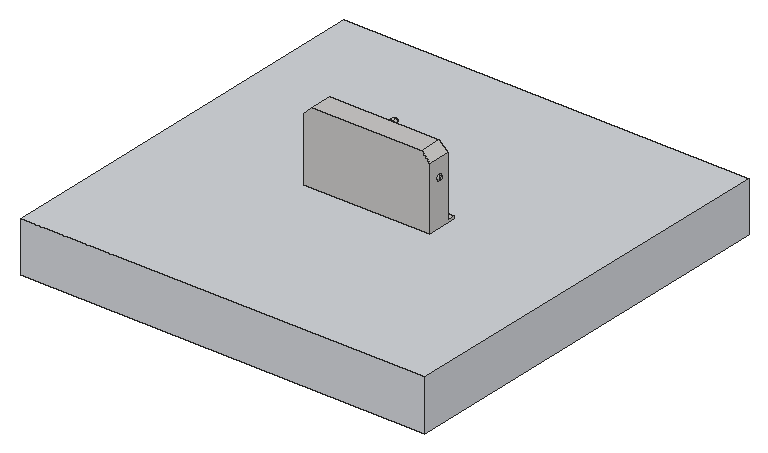
Revit family
Parameters (values of type "2020-1")
  Waste Connection = yes
  Vent Connection = no
  URL = "http://www.acorneng.com"
  Type Comments = ""
  TPT - Tubular P-Trap 1-1/4" x 1 - 1/2" Includes Trap Enclosure (Not ADA Complaint) = no
  Revised Date = "02/06/2014"
  Phone # = "626-336-4561"
  PPZ1 - Programmable Piezo Pushbutton (Single Temperature Only) = no
  Model = "2020-1"
  Material = 16 gage, type 304 stainless steel
  Manufacturer = "Acorn Engineering"
  MVC1 - Time-Trol - Single Temp = no
  HW Connection = no
  GT - Grid Strainer w/ Tailpiece 1-1/4" = no
  FP - Freeze Resistant Box = no
  FG - 14 Gage Housing = no
  EG - Enviro-Glaze, Specify Color = no
  Designed By = "ATS BIM Team"
  Description = "Drinking Fountain - ADA Compliant"
  Default Elevation = 34 3/4"
  CW Connection = yes
  BRS - Brass Body Valve = no
  BP - Bubbler, Penal = no
  BC - Bubbler, Code = no
  Assembly Code = "D2010810"
  AB - Angle Braces = no
  3 - Air-Control, Single Temperature = no
  2020 - Drinking Fountain, Two Station, ADA Complaint = no
  1 - Off-Floor Wall Outlet = no
Reference planes (in)
  plane 1 "Center (Front/Back)": y = 0
  plane 2: z = 0
  plane 3 "Center (Left/Right)": x = 0
  plane 4 "Finished Floor": y = -34.75
  plane 5: y = -5.25
  plane 6: y = 2
  plane 7: x = 15
  plane 8: x = -15
  plane 9: z = 17
  plane 10: z = 11
  plane 11: x = 2
  plane 12: y = -4
  plane 13: y = 2
  plane 14: y = 1.25
  plane 15: y = -3.25
Forms (in)
  Extrusion 1, solid
    sketch origin (0, 0, 0) x (1, 0, 0) y (0, 1, 0)
      loop
        line (-48, 48) -> (-48, -48) -> (48, -48) -> (48, 48) -> (-48, 48)
    from 0 to -12
  Extrusion 2, solid, material "16 gage, type 304 stainless steel" <- "Material"
    sketch origin (0, -4.875, 0) x (1, 0, 0) y (0, 0, -1)
      loop
        line (15, 0) -> (-15, 0) -> (-15, -15) -> (-13, -17) -> (13, -17) -> (15, -15) -> (15, 0)
    from -0.375 to 4.875
  Extrusion 3, solid, material "16 gage, type 304 stainless steel" <- "Material"
    sketch origin (0, 0, 0) x (1, 0, 0) y (0, 0, -1)
      loop
        line (-15, 0) -> (-15, -0.62362) -> (15, -0.62362) -> (15, 0) -> (-15, 0)
    from 0 to 2
  Extrusion 4, void
    sketch origin (0, -4.875, -1) x (1, 0, 0) y (0, 0, -1)
      loop
        circle (0, -13.56034) r 0.5
    from 2.29346 to 4
  Extrusion 5, solid
    sketch origin (0, -32.75119, -6) x (1, 0, 0) y (0, 1, 0)
      loop
        circle (0, 28.75119) r 0.75
    from 5.90504 to 6
  Blend 6, void
    base sketch origin (-0.0625, -5.40605, 19.00231) x (1, 0, 0) y (0, 0.139173, -0.990268)
      loop
        arc (9.93377, 4.6243) -> (12.00986, 5.58945) -> (12.61016, 7.7988) r 2.71547
        line (12.61016, 7.7988) -> (12.06627, 10.96999)
        arc (12.06627, 10.96999) -> (11.38618, 12.76199) -> (10.08184, 14.16645) r 5
        arc (10.08184, 14.16645) -> (0.0625, 17.42835) -> (-9.95684, 14.16645) r 17.01877
        arc (-9.95684, 14.16645) -> (-11.26118, 12.76199) -> (-11.94127, 10.96999) r 5
        line (-11.94127, 10.96999) -> (-12.48516, 7.7988)
        arc (-12.48516, 7.7988) -> (-11.88486, 5.58945) -> (-9.80877, 4.6243) r 2.71547
        line (-9.80877, 4.6243) -> (0, 4.6243) -> (9.93377, 4.6243)
    top sketch origin (-0.0625, -5.40605, 19.00231) x (1, 0, 0) y (0, 0.139173, -0.990268)
      loop
        arc (9.61917, 5.1243) -> (11.5205, 6.0082) -> (12.07027, 8.03159) r 2.48689
        line (12.07027, 8.03159) -> (11.4957, 11.38161)
        arc (11.4957, 11.38161) -> (10.07579, 14.39861) -> (7.30668, 16.25616) r 6.25
        arc (7.30668, 16.25616) -> (0.0625, 17.42835) -> (-7.18168, 16.25616) r 22.97075
        arc (-7.18168, 16.25616) -> (-9.95079, 14.39861) -> (-11.3707, 11.38161) r 6.25
        line (-11.3707, 11.38161) -> (-11.94527, 8.03159)
        arc (-11.94527, 8.03159) -> (-11.3955, 6.0082) -> (-9.49417, 5.1243) r 2.48689
        line (-9.49417, 5.1243) -> (0.0625, 5.1243) -> (9.61917, 5.1243)
    from 2.625 to 4.875
  Revolve 7, solid, material "16 gage, type 304 stainless steel" <- "Material"
    sketch origin (-3, -2.625, 15.5) x (0, 0, -1) y (1, 0, 0)
      loop
        line (4.5, -12) -> (4.5, -12.45821) -> (4.83548, -12.45821) -> (4.83548, -12.2796) -> (5.25, -12) -> (4.5, -12)
      axis (4.5, -12.45821) -> (4.5, -12)
    angle from 0 to 360
  Extrusion 8, solid, material "16 gage, type 304 stainless steel" <- "Material"
    sketch origin (-31.93483, 1.02599, -0.71984) x (1, 0, 0) y (0, 0, -1)
      loop
        line (35.00949, -15.50817) -> (31.75516, -15.50817)
        arc (31.75516, -15.50817) -> (31.84868, -16.10154) -> (31.90349, -16.69972) r 9.24969
        arc (31.90349, -16.69972) -> (32.40544, -17.40157) -> (33.26722, -17.35824) r 0.89974
        arc (33.26722, -17.35824) -> (34.26167, -16.54934) -> (35.00949, -15.50817) r 4.85048
    from -1.02599 to -0.27599
  Sweep 9, solid, material "16 gage, type 304 stainless steel" <- "Material"
    path origin (-26.21183, 1.02599, -9.142) x (0.961262, 0, 0.275637) y (0.275637, 0, -0.961262)
      loop
        arc (33.99266, -16.50033) -> (32.93229, -17.56071) -> (31.87191, -16.50033) r 1.06037
    profile origin (0.60433, 1.02599, 16.8158) x (-0.275637, 0, 0.961262) y (0, 1, 0)
      loop
        arc (-0.50131, -0.52599) -> (-0.26416, 0.13247) -> (-0.26444, 0.83235) r 2.0323
        arc (-0.26444, 0.83235) -> (-0.34718, 1.05401) -> (-0.50405, 1.23113) r 0.64727
        line (-0.50405, 1.23113) -> (-0.58295, 1.23113) -> (-0.58295, 1.18034) -> (-0.5219, 1.18034)
        arc (-0.5219, 1.18034) -> (-0.38634, 1.02048) -> (-0.31446, 0.82358) r 0.59649
        arc (-0.31446, 0.82358) -> (-0.31674, 0.12687) -> (-0.56003, -0.52599) r 1.98152
        line (-0.56003, -0.52599) -> (-0.50131, -0.52599)
  Revolve 10, solid, material "16 gage, type 304 stainless steel" <- "Material"
    sketch origin (3, -2.625, 15.5) x (0, 0, -1) y (1, 0, 0)
      loop
        line (4.5, 12) -> (5.25, 12) -> (4.83548, 12.2796) -> (4.83548, 12.45821) -> (4.5, 12.45821) -> (4.5, 12)
      axis (4.5, 12.45821) -> (4.5, 12)
    angle from 0 to 360
  Extrusion 11, solid, material "16 gage, type 304 stainless steel" <- "Material"
    sketch origin (-33.6993, 1.02599, -15.54202) x (0.87462, 0, 0.48481) y (0.48481, 0, -0.87462)
      loop
        arc (35.30047, -15.05812) -> (33.6466, -15.25382) -> (32.21701, -14.39948) r 2.58316
        arc (32.21701, -14.39948) -> (32.14238, -15.32581) -> (32.19226, -16.25381) r 6.93602
        arc (32.19226, -16.25381) -> (32.69421, -16.95566) -> (33.556, -16.91233) r 0.89974
        arc (33.556, -16.91233) -> (34.55206, -16.10172) -> (35.30047, -15.05812) r 4.85048
    from -1.02599 to -0.27599
  Sweep 12, solid, material "16 gage, type 304 stainless steel" <- "Material"
    path origin (-24.1732, 1.02599, -20.38365) x (0.707107, 0, 0.707107) y (0.707107, 0, -0.707107)
      loop
        arc (33.99266, -16.50033) -> (32.93229, -17.56071) -> (31.87191, -16.50033) r 1.06037
    profile origin (-13.30386, 1.02599, 15.32029) x (-0.707107, 0, 0.707107) y (0, 1, 0)
      loop
        arc (-0.50131, -0.52599) -> (-0.26416, 0.13247) -> (-0.26444, 0.83235) r 2.0323
        arc (-0.26444, 0.83235) -> (-0.34718, 1.05401) -> (-0.50405, 1.23113) r 0.64727
        line (-0.50405, 1.23113) -> (-0.58295, 1.23113) -> (-0.58295, 1.18034) -> (-0.5219, 1.18034)
        arc (-0.5219, 1.18034) -> (-0.38634, 1.02048) -> (-0.31446, 0.82358) r 0.59649
        arc (-0.31446, 0.82358) -> (-0.31674, 0.12687) -> (-0.56003, -0.52599) r 1.98152
        line (-0.56003, -0.52599) -> (-0.50131, -0.52599)
  Extrusion 13, solid
    sketch origin (0, 0, 0) x (1, 0, 0) y (0, 1, 0)
      loop
        circle (-2, -3.25) r 0.25
    from -0.09496 to 0
Cuts and joins
  Extrusion 4, Blend 6 cuts Extrusion 2
  joined: Extrusion 2, Extrusion 3, Extrusion 8, Sweep 9, Extrusion 11, Sweep 12
Dimensions and locks (in)
  cut or joined group of Extrusion 2, Extrusion 3, Extrusion 4, Blend 6, Extrusion 8, Sweep 9, Extrusion 11, Sweep 12 to cut or joined group of Extrusion 2, Extrusion 3, Extrusion 4, Blend 6, Extrusion 8, Sweep 9, Extrusion 11, Sweep 12 = 5 1/4"
  plane 7 to plane 8 = 30"
  plane 9 to Extrusion 1 = 17"  (x2)
  plane 6 to cut or joined group of Extrusion 2, Extrusion 3, Extrusion 4, Blend 6, Extrusion 8, Sweep 9, Extrusion 11, Sweep 12 = 2"
  plane 1 "Center (Front/Back)" to plane 5 = 5 1/4"
  plane 4 "Finished Floor" to plane 5 = 29 1/2"
  plane 10 to plane 9 = 6"  (x2)
  plane 12 to Extrusion 11 = 4"
  plane 3 "Center (Left/Right)" to plane 11 = 2"
  plane 13 to plane 1 "Center (Front/Back)" = 2"
  plane 4 "Finished Floor" to plane 14 = 36"
  plane 14 to plane 1 "Center (Front/Back)" = 1 1/4"
  aligned and locked: plane 2 to Extrusion 1
  aligned and locked: level to Extrusion 1
Connectors (in)
  piping at (0, -4, -0.09496)
    settings: on Extrusion 5, index 2
  piping at (-2, -3.25, -0.09496)
    settings: on Extrusion 13, index 3
